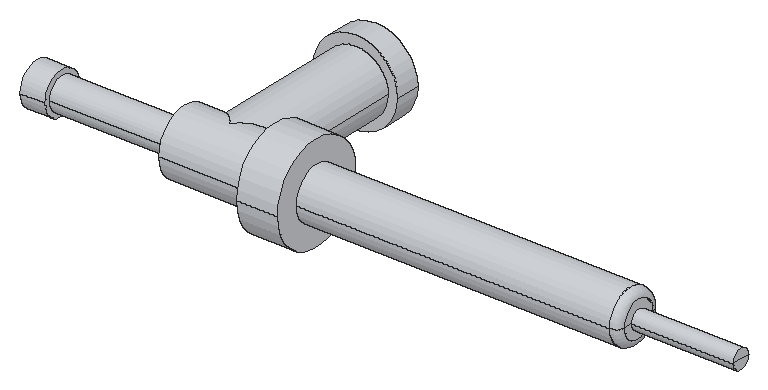
Revit family "M_Válvula de alívio de pressão - 25-250 mm", category Acessórios do tubo, Revit 2019
Family settings
  Cota do conector redondo = Usar raio
  Tipo de parte = Válvula - Normal
  Número OmniClass = 23.65.55.14.17
  Título OmniClass = Adjusting/Controlling Valves for Liquid Services
  ID de item do Seek = Pressure Relief Valve - 25-250 mm-0000-CAN-ENU
  Com base no plano de trabalho = Não
  Sempre na vertical = Sim
  Corte com vazios quando carregada = Não
  Compartilhado = Não
Parameters (values of type "25 mmx50 mm")
  Material da válvula = none
  Raio nominal externo = 25 mm
  Diâmetro nominal externo = Raio nominal externo * 2  # 50 mm
  Raio da flange de saída = Diâmetro da flange de saída / 2  # 32.5 mm
  Diâmetro da flange de saída = Raio nominal externo * 2.6  # 65 mm
  Raio nominal interno = 12.5 mm
  Diâmetro nominal interno = Raio nominal interno * 2  # 25 mm
  Raio da flange interna = Diâmetro de flange interna / 2  # 16.25 mm
  Diâmetro de flange interna = Raio nominal interno * 2.6  # 32.5 mm
  Altura 4 = 0.2 * Altura 1  # 78.8 mm
  Altura 3 = 0.08 * Altura 1  # 31.52 mm
  Altura 2 = 1.4 * Diâmetro nominal externo  # 70 mm
  Altura 1 = 394 mm
  Raio 2 = 0.4 * Diâmetro nominal externo  # 20 mm
  Raio 1 = 0.75 * Diâmetro nominal externo  # 37.5 mm
  C2 Deslocamento 2 = 149 mm
  C2 Deslocamento 1 = 140 mm
Types (10, lengths in mm): name | Raio nominal externo | Diâmetro nominal externo | Raio da flange de saída | Diâmetro da flange de saída | Raio nominal interno | Diâmetro nominal interno | Raio da flange interna | Diâmetro de flange interna | Altura 4 | Altura 3 | Altura 2 | Altura 1 | Raio 2 | Raio 1 | C2 Deslocamento 2 | C2 Deslocamento 1
  25 mmx50 mm | 25 | 50 | 32.5 | 65 | 12.5 | 25 | 16.25 | 32.5 | 78.8 | 31.52 | 70 | 394 | 20 | 37.5 | 149 | 140
  40 mmx50 mm | 25 | 50 | 32.5 | 65 | 20 | 40 | 26 | 52 | 78.8 | 31.52 | 70 | 394 | 20 | 37.5 | 160 | 140
  40 mmx80 mm | 40 | 80 | 52 | 104 | 20 | 40 | 26 | 52 | 106.6 | 42.64 | 112 | 533 | 32 | 60 | 175 | 160
  50 mmx80 mm | 40 | 80 | 52 | 104 | 25 | 50 | 32.5 | 65 | 106.6 | 42.64 | 112 | 533 | 32 | 60 | 175 | 160
  80 mmx100 mm | 50 | 100 | 65 | 130 | 40 | 80 | 52 | 104 | 137.2 | 54.88 | 140 | 686 | 40 | 75 | 170 | 191
  100 mmx150 mm | 75 | 150 | 97.5 | 195 | 50 | 100 | 65 | 130 | 182.8 | 73.12 | 210 | 914 | 60 | 112.5 | 221 | 225
  150 mmx200 mm | 100 | 200 | 130 | 260 | 75 | 150 | 97.5 | 195 | 185.4 | 74.16 | 280 | 927 | 80 | 150 | 240 | 225
  150 mmx250 mm | 125 | 250 | 162.5 | 325 | 75 | 150 | 97.5 | 195 | 189.8 | 75.92 | 350 | 949 | 100 | 187.5 | 240 | 270
  200 mmx250 mm | 125 | 250 | 162.5 | 325 | 100 | 200 | 130 | 260 | 209.6 | 83.84 | 350 | 1048 | 100 | 187.5 | 279 | 300
  250 mmx300 mm | 150 | 300 | 195 | 390 | 125 | 250 | 162.5 | 325 | 209.6 | 83.84 | 420 | 1048 | 120 | 225 | 279 | 300
Reference planes
  plane 1 "Centro (Frente/Trás)": y = 0
  plane 2: z = 0
  plane 3 "Centro (Esquerda/Direita)": x = 0
  plane 4: x = 394
  plane 5: x = 35
  plane 6: x = -35
  plane 7: x = -129.95
  plane 8: x = 66.52
  plane 9: x = 315.2
  plane 10: x = 308.85
  plane 11: y = 20
  plane 12: y = -20
  plane 13: y = 7.3
  plane 14: y = -7.3
  plane 15: x = -25
  plane 16: x = 25
  plane 17: y = 25
  plane 18: y = -25
  plane 19: x = 127.103
  plane 20: x = 187.685
  plane 21: x = 248.268
  plane 22: y = 140
  plane 23: y = 120.95
  plane 24: x = -149
  plane 25: y = 13.65
Forms (mm)
  Extrusion 1, solid, material <- "Material da válvula", detail levels fine
    sketch origin (0, 0, 0) x (0, 1, 0) y (0, 0, 1)
      loop
        circle (0, 0) r 16.25
    from -149 to -129.95
  Extrusion 2, solid, material <- "Material da válvula", detail levels fine
    sketch origin (0, 0, 0) x (0, 1, 0) y (0, 0, 1)
      loop
        circle (0, 0) r 12.5
    from -129.95 to -35
  Extrusion 3, solid, material <- "Material da válvula", detail levels fine
    sketch origin (0, 0, 0) x (0, 1, 0) y (0, 0, 1)
      loop
        circle (0, 0) r 25
    from -35 to 35
  Extrusion 4, solid, material <- "Material da válvula", detail levels fine
    sketch origin (0, 0, 0) x (0, 1, 0) y (0, 0, 1)
      loop
        circle (0, 0) r 37.5
    from 35 to 66.52
  Extrusion 5, solid, material <- "Material da válvula", detail levels fine
    sketch origin (0, 0, 0) x (1, 0, 0) y (0, 0, 1)
      loop
        circle (0, 0) r 25
    from -120.95 to 0
  Extrusion 6, solid, material <- "Material da válvula", detail levels fine
    sketch origin (0, 0, 0) x (1, 0, 0) y (0, 0, 1)
      loop
        circle (0, 0) r 32.5
    from -120.95 to -140
  Revolve 7, solid, material <- "Material da válvula", detail levels fine
    sketch origin (0, 0, 0) x (1, 0, 0) y (0, 1, 0)
      loop
        line (66.52, 20) -> (66.52, 0) -> (394, 0) -> (394, 7.3) -> (315.2, 7.3) -> (315.2, 13.65)
        arc (315.2, 13.65) -> (313.34, 18.14) -> (308.85, 20) r 6.35
        line (308.85, 20) -> (66.52, 20)
      axis (66.52, 0) -> (394, 0)
    angle from 0 to 360
Cuts and joins
  joined: Extrusion 1, Extrusion 2, Extrusion 3, Extrusion 4, Extrusion 5, Extrusion 6, Revolve 7
Lines and regions (mm)
  model lines, detail levels coarse+medium
    curve 1: line (-149, 16.25, 0) -> (-149, -16.25, 0)
    curve 2: line (-25, 25, 0) -> (-25, -25, 0)
    curve 3: line (-149, 0, 0) -> (-25, 0, 0)
    curve 4: line (0, 0, 0) -> (315.2, 0, 0)
    curve 5: line (0, 140, 0) -> (10.999, 120.95, 0)
    curve 6: line (0, 140, 0) -> (-10.999, 120.95, 0)
    curve 7: line (127.103, 20, 0) -> (127.103, -20, 0)
    curve 8: line (187.685, 20, 0) -> (187.685, -20, 0)
    curve 9: line (248.268, 20, 0) -> (248.268, -20, 0)
    curve 10: line (-25, 25, 0) -> (25, 25, 0)
    curve 11: line (-25, -25, 0) -> (25, 25, 0)
    curve 12: line (0, 140, 0) -> (0, 25, 0)
Dimensions and locks
  "C2 Deslocamento 2": plane 24 to plane 3 "Centro (Esquerda/Direita)"
  locked: plane 24 to plane 7 at 19.05
  equal spacing: plane 6, plane 3 "Centro (Esquerda/Direita)", plane 5
  "Altura 2": plane 6 to plane 5
  equal spacing: plane 15, plane 3 "Centro (Esquerda/Direita)", plane 16
  "Diâmetro nominal externo": plane 15 to plane 16
  "Altura 3": plane 5 to plane 8
  "Altura 4": plane 9 to plane 4
  locked: plane 10 to plane 9 at 6.35
  equal spacing: plane 8, plane 19, plane 20, plane 21, plane 10
  "C2 Deslocamento 1": plane 1 "Centro (Frente/Trás)" to plane 22
  locked: plane 22 to plane 23 at 19.05
  equal spacing: curve 1, plane 1 "Centro (Frente/Trás)", curve 1
  "Diâmetro de flange interna": curve 1 to curve 1
  "Altura 1": plane 3 "Centro (Esquerda/Direita)" to plane 4
  "Raio 2": plane 11 to plane 1 "Centro (Frente/Trás)"
  equal spacing: plane 11, plane 1 "Centro (Frente/Trás)", plane 12
  locked: plane 11 to plane 13 at 12.7
  locked: plane 12 to plane 14 at 12.7
  locked: plane 11 to plane 25 at 6.35
  equal spacing: plane 18, plane 1 "Centro (Frente/Trás)", plane 17
  "Diâmetro nominal externo": plane 18 to plane 17
  "Raio da flange interna": radius of Extrusion 1 sketch curve
  "Raio nominal interno": radius of Extrusion 2 sketch curve
  "Raio nominal externo": radius of Extrusion 3 sketch curve
  "Raio 1": radius of Extrusion 4 sketch curve
  "Raio nominal externo": radius of Extrusion 5 sketch curve
  "Raio da flange de saída": radius of Extrusion 6 sketch curve
  locked: plane 3 "Centro (Esquerda/Direita)" to curve 5 (angle 30.00°)
  locked: curve 6 to plane 3 "Centro (Esquerda/Direita)" (angle 30.00°)
  aligned and locked: plane 1 "Centro (Frente/Trás)" to Extrusion 1 sketch curve
  aligned and locked: plane 2 to Extrusion 1 sketch curve
  aligned and locked: plane 1 "Centro (Frente/Trás)" to Extrusion 2 sketch curve
  aligned and locked: plane 2 to Extrusion 2 sketch curve
  aligned and locked: plane 24 to Extrusion 1
  aligned and locked: Extrusion 1 to plane 7
  aligned and locked: plane 7 to Extrusion 2
  aligned and locked: Extrusion 2 to plane 6
  aligned and locked: plane 1 "Centro (Frente/Trás)" to Extrusion 3 sketch curve
  aligned and locked: plane 2 to Extrusion 3 sketch curve
  aligned and locked: plane 6 to Extrusion 3
  aligned and locked: plane 5 to Extrusion 3
  aligned and locked: plane 1 "Centro (Frente/Trás)" to Extrusion 4 sketch curve
  aligned and locked: plane 2 to Extrusion 4 sketch curve
  aligned and locked: Extrusion 4 to plane 5
  aligned and locked: plane 8 to Extrusion 4
  aligned and locked: plane 3 "Centro (Esquerda/Direita)" to Extrusion 5 sketch curve
  aligned and locked: level to Extrusion 5 sketch curve
  aligned and locked: plane 3 "Centro (Esquerda/Direita)" to Extrusion 6 sketch curve
  aligned and locked: plane 2 to Extrusion 6 sketch curve
  aligned and locked: Extrusion 6 to plane 22
  aligned and locked: Extrusion 6 to plane 23
  aligned and locked: plane 23 to Extrusion 5
  aligned and locked: plane 1 "Centro (Frente/Trás)" to Extrusion 5
  aligned and locked: plane 24 to curve 1
  aligned and locked: plane 24 to curve 3
  aligned and locked: plane 1 "Centro (Frente/Trás)" to curve 3
  aligned and locked: plane 9 to curve 4
  aligned and locked: plane 1 "Centro (Frente/Trás)" to curve 4
  aligned and locked: plane 23 to curve 5
  aligned and locked: plane 23 to curve 6
  aligned and locked: plane 11 to curve 7
  aligned and locked: plane 12 to curve 7
  aligned and locked: curve 7 to plane 19
  aligned and locked: plane 11 to curve 8
  aligned and locked: plane 12 to curve 8
  aligned and locked: curve 8 to plane 20
  aligned and locked: plane 11 to curve 9
  aligned and locked: plane 12 to curve 9
  aligned and locked: curve 9 to plane 21
  aligned and locked: plane 15 to curve 10
  aligned and locked: plane 17 to curve 10
  aligned and locked: plane 15 to curve 11
  aligned and locked: plane 18 to curve 11
  aligned and locked: plane 16 to curve 11
  aligned and locked: plane 22 to curve 12
  aligned and locked: plane 17 to curve 12
  aligned and locked: curve 12 to plane 3 "Centro (Esquerda/Direita)"
  aligned and locked: Revolve 7 sketch curve to plane 11
  aligned and locked: plane 25 to Revolve 7 sketch curve  (x2)
  aligned and locked: plane 10 to Revolve 7 sketch curve  (x2)
  aligned and locked: plane 13 to Revolve 7 sketch curve  (x2)
  aligned and locked: Revolve 7 sketch curve to plane 9
  aligned and locked: plane 9 to Revolve 7 sketch curve
  aligned and locked: plane 1 "Centro (Frente/Trás)" to Revolve 7 sketch curve  (x3)
  aligned and locked: Revolve 7 sketch curve to plane 4
  aligned and locked: plane 4 to Revolve 7 sketch curve
  aligned and locked: plane 8 to Revolve 7 sketch curve
  aligned and locked: Revolve 7 sketch curve to plane 8
  aligned and locked: plane 19 to Revolve 7 sketch curve
  aligned and locked: plane 20 to Revolve 7 sketch curve
Connectors
  piping at (-149, 0, 0), diameter 25, driven by "Raio nominal interno"
    settings: on cut or joined group of Extrusion 1, Extrusion 2, Extrusion 3, Extrusion 4, Extrusion 5, Extrusion 6, Revolve 7, index 1, connector inside diameter 25 mm, connector length 0 mm, flow factor 0, pipe flow 0.0 L/s, pressure drop 0.0 Pa, fitting loss kfactor 0, connector angle 0.00°, fixture units 0, engagement length 0 mm, angle of deflection 0.00°, flow configuration 0, flow direction 0, fitting loss method 0, system type 29, joint type 0, gender type 0, connector reference index 2, connector utility 0, adjustable connector no, is connector primary yes, connector description "In"
  piping at (0, 140, 0), diameter 50, driven by "Raio nominal externo"
    settings: on cut or joined group of Extrusion 1, Extrusion 2, Extrusion 3, Extrusion 4, Extrusion 5, Extrusion 6, Revolve 7, index 2, connector inside diameter 50 mm, connector length 0 mm, flow factor 0, pipe flow 0.0 L/s, pressure drop 0.0 Pa, fitting loss kfactor 0, connector angle 0.00°, fixture units 0, engagement length 0 mm, angle of deflection 0.00°, flow configuration 0, flow direction 0, fitting loss method 0, system type 29, joint type 0, gender type 0, connector reference index 1, connector utility 0, adjustable connector no, is connector primary no, connector description "Saída"
